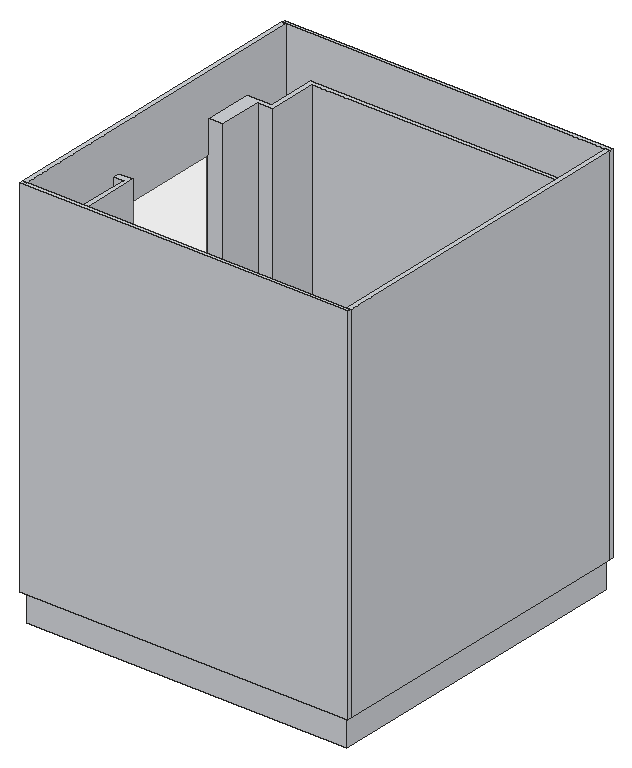
Revit family "Fira Modules Bathroom 2.6 Heart", category Generic Models, Revit 2015
Parameters
  Tekn. oven materiaali [instance] = none
  Sähkö [instance] = no
  Ovenkahvan materiaali [instance] = none
  Oven materiaali [instance] = Glass
  Ontelolaatan rei'itys muut kerrokset [instance] = no
  Ontelolaatan rei'itys 1. krs [instance] = no
  Näytä tekstit pohjassa [instance] = yes
  Moduulirungon väri [instance] = none
  Laatan materiaali [instance] = none
  Kynnysmateriaali [instance] = none
  Kipsilevyn ylitys sivuseinät [instance] = 50 mm
  Kipsilevyn ylitys oviseinä P [instance] = 50 mm
  Kipsilevyn ylitys oviseinä A [instance] = 50 mm
  Kipsilevyn ylitys (sivuseinät) [instance] = if(Kipsilevy takaseinä, 26 mm, Kipsilevyn ylitys sivuseinät)  # 26 mm
  Kipsilevyn ylitys (P) [instance] = if(Kipsilevy pyykkiseinä P, 0.1 mm, Kipsilevyn ylitys oviseinä P)  # 0.1 mm
  Kipsilevyn ylitys (A) [instance] = if(Kipsilevy allasseinä A, 0.1 mm, Kipsilevyn ylitys oviseinä A)  # 0.1 mm
  Kipsilevyn materiaali [instance] = none
  Kipsilevyn korkeus [instance] = 2600 mm
  Kipsilevy takaseinä [instance] = yes
  Kipsilevy pyykkiseinä P [instance] = yes
  Kipsilevy oviseinä O [instance] = yes
  Kipsilevy allasseinä A [instance] = yes
  Keskitetty IV äänenvaimentimella [instance] = no
  Keskitetty IV [instance] = no
  Huoneistokohtainen IV (R) [instance] = no
  Huoneistokohtainen IV (L) [instance] = no
  Hormi [instance] = no
  Hanakulma- ja kojerasioiden sijainnit [instance] = no
  Asennnusvara kantavaa seinää vasten [instance] = no
Reference planes
  plane 1 "Center (Front/Back)": y = 0
  plane 2: z = 0
  plane 3 "Center (Left/Right)": x = 0
  plane 4: x = 2300
  plane 5: y = -0.1
  plane 6: x = 2300
  plane 7: y = 2300.1
  plane 8: y = 2300
Forms (mm)
  Extrusion 1, solid, material <- "Moduulirungon väri"
    sketch origin (0, 0, 0) x (1, 0, 0) y (0, 1, 0)
      loop
        line (2274, 2300) -> (179, 2300) -> (179, 1950) -> (0, 1950) -> (0, 1612.55) -> (106, 1612.55) -> (106, 1918) -> (211, 1918) -> (211, 2268) -> (2232, 2268) -> (2232, 32) -> (366, 32) -> (366, 372) -> (106, 372) -> (106, 813.45) -> (0, 813.45) -> (0, 768) -> (74, 768) -> (74, 340) -> (334, 340) -> (334, 0) -> (2274, 0) -> (2274, 2300)
    from 0 to 2300
  Extrusion 2, solid, material <- "Moduulirungon väri"
    sketch origin (0, 0, 0) x (1, 0, 0) y (0, 1, 0)
      loop
        line (211, 1616) -> (211, 1918) -> (106, 1918) -> (106, 1616) -> (211, 1616)
    from 0 to 660.652
  Extrusion 3, void
    sketch origin (0, 0, 0) x (1, 0, 0) y (0, 1, 0)
      loop
        line (74, 340) -> (74, 218) -> (0, 218) -> (0, 0) -> (334, 0) -> (334, 340) -> (74, 340)
      loop
        circle (160.032, 289.507) r 50
      loop
        circle (260.051, 289.512) r 50
      loop
        circle (204, 135) r 70
    from 0 to 2300
  Extrusion 4, solid, material <- "Tekn. oven materiaali"
    sketch origin (917.278, 28.936, 0) x (1, 0, 0) y (0, 1, 0)
      loop
        line (-939.278, 735.467) -> (-940.278, 736.467) -> (-942.278, 736.467) -> (-943.278, 735.467) -> (-943.278, 189.064) -> (-939.278, 189.064) -> (-939.278, 735.467)
    from 0 to 2065
  Extrusion 5, solid, material <- "Kipsilevyn materiaali", visible <- "Kipsilevy allasseinä A"
    sketch origin (0, 0, 0) x (1, 0, 0) y (0, 1, 0)
      loop
        line (-26, 2326) -> (-26, 2300) -> (2300, 2300) -> (2300, 2326) -> (-26, 2326)
    from 0 to 2600
  Extrusion 6, solid, material <- "Kipsilevyn materiaali", visible <- "Kipsilevy takaseinä"
    sketch origin (0, 0, 0) x (1, 0, 0) y (0, 1, 0)
      loop
        line (2274, 2300.1) -> (2274, -0.1) -> (2300, -0.1) -> (2300, 2300.1) -> (2274, 2300.1)
    from 0 to 2600
  Extrusion 7, solid, material <- "Kipsilevyn materiaali", visible <- "Kipsilevy pyykkiseinä P"
    sketch origin (0, 0, 0) x (1, 0, 0) y (0, 1, 0)
      loop
        line (-26, 0) -> (-26, -26) -> (2300, -26) -> (2300, 0) -> (-26, 0)
    from 0 to 2600
  Extrusion 8, solid, material <- "Kipsilevyn materiaali", visible <- "Kipsilevy oviseinä O"
    sketch origin (0, 199, 0) x (1, 0, 0) y (0, 1, 0)
      loop
        line (-26, -199.1) -> (0, -199.1) -> (0, 2101.1) -> (-26, 2101.1) -> (-26, -199.1)
    from 0 to 2600
  Extrusion 9, void
    sketch origin (0, 0, 0) x (1, 0, 0) y (0, 1, 0)
      loop
        line (0, 218) -> (0, 768) -> (-26, 768) -> (-26, 218) -> (0, 218)
    from 0 to 2065
  Extrusion 10, void
    sketch origin (0, 0, 0) x (1, 0, 0) y (0, 1, 0)
      loop
        line (-26, 1658) -> (-26, 793.36) -> (0, 793.36) -> (0, 1658) -> (-26, 1658)
    from 0 to 2065
  Extrusion 11, solid, material "Glass" <- "Oven materiaali"
    sketch origin (0, 0, 0) x (1, 0, 0) y (0, 1, 0)
      loop
        line (-26, 793.36) -> (-15.972, 793.36) -> (-15.972, 1628) -> (-26, 1628) -> (-26, 793.36)
    from 17 to 2065
  Extrusion 12, solid, material <- "Kipsilevyn materiaali"
    sketch origin (0, 0, 0) x (1, 0, 0) y (0, 1, 0)
      loop
        line (-26, 1658) -> (-26, 1628) -> (0, 1628) -> (0, 1658) -> (-26, 1658)
    from 0 to 2065
  Extrusion 13, solid, material <- "Ovenkahvan materiaali", detail levels medium+fine
    sketch origin (-44.406, 15.45, 0) x (1, 0, 0) y (0, 1, 0)
      loop
        line (18.406, 901) -> (18.406, 798) -> (28.406, 798) -> (28.406, 901) -> (18.406, 901)
    from 960 to 1030
  Extrusion 14, solid, material <- "Ovenkahvan materiaali", detail levels medium+fine
    sketch origin (-26, 1677.242, -23.167) x (0, 1, 0) y (0, 0, -1)
      loop
        circle (-833.915, -1017.549) r 7.5
    from 0 to 35
  Extrusion 15, solid, material <- "Ovenkahvan materiaali", detail levels medium+fine
    sketch origin (-70.406, 15.35, 0) x (0, 1, 0) y (0, 0, -1)
      loop
        arc (827.977, -986.882) -> (820.477, -994.382) -> (827.977, -1001.882) r 7.5
        line (827.977, -1001.882) -> (967.977, -1001.882) -> (967.977, -986.882) -> (827.977, -986.882)
    from -9.406 to 1.719
  Extrusion 16, solid, material <- "Ovenkahvan materiaali", detail levels medium+fine
    sketch origin (-70.406, 15.35, 0) x (0, 1, 0) y (0, 0, -1)
      loop
        arc (827.977, -986.882) -> (820.477, -994.382) -> (827.977, -1001.882) r 7.5
        line (827.977, -1001.882) -> (967.977, -1001.882) -> (967.977, -986.882) -> (827.977, -986.882)
    from -105.577 to -94.406
  Extrusion 17, solid, material <- "Ovenkahvan materiaali", detail levels medium+fine
    sketch origin (-26, 1677.242, -23.167) x (0, 1, 0) y (0, 0, -1)
      loop
        circle (-833.915, -1017.549) r 7.5
    from -50 to -10
  Extrusion 18, solid, material <- "Ovenkahvan materiaali", detail levels medium+fine
    sketch origin (-1172.358, -185.826, 0) x (1, 0, 0) y (0, 1, 0)
      loop
        line (18.406, 901) -> (18.406, 798) -> (28.406, 798) -> (28.406, 901) -> (18.406, 901)
    from 960 to 1030
  Extrusion 19, solid, material <- "Ovenkahvan materiaali", detail levels medium+fine
    sketch origin (-1153.952, 1475.966, -23.167) x (0, 1, 0) y (0, 0, -1)
      loop
        circle (-833.915, -1017.549) r 7.5
    from 0 to 35
  Extrusion 20, solid, material <- "Ovenkahvan materiaali", detail levels medium+fine
    sketch origin (-1198.358, -185.926, 0) x (0, 1, 0) y (0, 0, -1)
      loop
        arc (827.977, -986.882) -> (820.477, -994.382) -> (827.977, -1001.882) r 7.5
        line (827.977, -1001.882) -> (967.977, -1001.882) -> (967.977, -986.882) -> (827.977, -986.882)
    from -9.406 to 1.719
  Extrusion 21, solid, material <- "Ovenkahvan materiaali", detail levels medium+fine
    sketch origin (-1198.358, -185.926, 0) x (0, 1, 0) y (0, 0, -1)
      loop
        arc (827.977, -986.882) -> (820.477, -994.382) -> (827.977, -1001.882) r 7.5
        line (827.977, -1001.882) -> (967.977, -1001.882) -> (967.977, -986.882) -> (827.977, -986.882)
    from -105.577 to -94.406
  Extrusion 22, solid, material <- "Ovenkahvan materiaali", detail levels medium+fine
    sketch origin (-1153.952, 1475.966, -23.167) x (0, 1, 0) y (0, 0, -1)
      loop
        circle (-833.915, -1017.549) r 7.5
    from -50 to -10
  Extrusion 23, solid, material <- "Laatan materiaali"
    sketch origin (0, 0, 0) x (1, 0, 0) y (0, 1, 0)
      loop
        line (2274, 2300) -> (0, 2300) -> (0, 0) -> (2274, 0) -> (2274, 2300)
    from -200 to 0
  Extrusion 24, solid, material <- "Kynnysmateriaali"
    sketch origin (0, 0, 0) x (1, 0, 0) y (0, 1, 0)
      loop
        line (0, 1612.55) -> (0, 813.45) -> (106, 813.45) -> (106, 1612.55) -> (0, 1612.55)
    from 0 to 23
Cuts and joins
  Extrusion 9, Extrusion 10 cuts Extrusion 8
Lines and regions (mm)
  model lines
    curve 1: line (2274, 2300, 0) -> (0, 2300, 0)
    curve 2: line (2274, 0, 0) -> (2274, 2300, 0)
    curve 3: line (0, 0, 0) -> (2274, 0, 0)
    curve 4: line (0, 2300, 0) -> (0, 1628, 0)
    curve 5: line (0, 1950, 0) -> (179, 1950, 0)
    curve 6: line (179, 1950, 0) -> (179, 2300, 0)
    curve 7: line (211, 2268, 0) -> (2232, 2268, 0)
    curve 8: line (211, 2104.857, 0) -> (1058.908, 2104.857, 0)
    curve 9: line (1058.908, 2104.857, 0) -> (1058.908, 1818.847, 0)
    curve 10: line (1058.908, 1818.847, 0) -> (2220, 1818.847, 0)
    curve 11: line (1586.892, 2158.353, 0) -> (1586.892, 1864.372, 0)
    curve 12: arc (1586.892, 1864.372, 0) -> (1585.135, 1860.131, 0) -> (1580.893, 1858.373, 0) r 5.999
    curve 13: line (1580.893, 1858.373, 0) -> (1136.923, 1858.373, 0)
    curve 14: arc (1136.923, 1858.373, 0) -> (1132.68, 1860.131, 0) -> (1130.923, 1864.373, 0) r 6
    curve 15: line (1130.923, 1864.373, 0) -> (1130.923, 2158.353, 0)
    curve 16: arc (1130.923, 2158.353, 0) -> (1132.68, 2162.595, 0) -> (1136.923, 2164.353, 0) r 6
    curve 17: line (1136.923, 2164.353, 0) -> (1580.892, 2164.353, 0)
    curve 18: arc (1580.892, 2164.353, 0) -> (1585.135, 2162.595, 0) -> (1586.892, 2158.353, 0) r 6
    curve 20: line (2220, 44, 0) -> (2220, 2268, 0)
    curve 21: line (2232, 2268, 0) -> (2232, 32, 0)
    curve 22: line (1031, 44, 0) -> (2220, 44, 0)
    curve 23: line (2232, 32, 0) -> (366, 32, 0)
    curve 24: line (334, 340, 0) -> (334, 0, 0)
    curve 25: line (74, 340, 0) -> (334, 340, 0)
    curve 26: line (0, 188, 0) -> (0, 0, 0)
    curve 27: line (0, 218, 0) -> (0, 188, 0)
    curve 28: line (0, 188, 0) -> (-26, 188, 0)
    curve 29: line (-26, 188, 0) -> (-26, 218, 0)
    curve 30: line (-26, 764.403, 0) -> (-26, 218, 0)
    curve 31: line (-22, 218, 0) -> (-22, 768, 0)
    curve 32: line (-25, 765.403, 0) -> (-26, 764.403, 0)
    curve 33: line (-23, 765.403, 0) -> (-25, 765.403, 0)
    curve 34: line (-22, 764.403, 0) -> (-23, 765.403, 0)
    curve 35: line (-26, 793.36, 0) -> (-26, 1628, 0)
    curve 36: line (-15.972, 1598, 0) -> (-15.972, 793.36, 0)
    curve 37: line (1081, 801.235, 0) -> (109, 801.235, 0)
    curve 38: line (109, 801.235, 0) -> (109, 809.235, 0)
    curve 39: line (109, 809.235, 0) -> (1081, 809.235, 0)
    curve 40: line (1081, 809.235, 0) -> (1081, 801.235, 0)
    curve 41: line (1031, 788, 0) -> (1031, 32, 0)
    curve 42: line (1031, 32, 0) -> (1016, 32, 0)
    curve 43: line (1016, 32, 0) -> (1016, 788, 0)
    curve 44: line (1016, 788, 0) -> (1031, 788, 0)
    curve 45: line (1030.5, 788, 0) -> (1030.5, 798.427, 0)
    curve 46: arc (1030.5, 798.427, 0) -> (1029.957, 799.918, 0) -> (1028.5, 800.546, 0) r 2.003
    curve 47: line (1028.5, 800.546, 0) -> (1018.5, 800.546, 0)
    curve 48: arc (1018.5, 800.546, 0) -> (1017.044, 799.917, 0) -> (1016.5, 798.427, 0) r 2.005
    curve 49: line (1016.5, 798.427, 0) -> (1016.5, 788, 0)
    curve 50: line (1016.5, 788, 0) -> (1030.5, 788, 0)
    curve 51: arc (1030.5, 812.044, 0) -> (1029.957, 810.553, 0) -> (1028.5, 809.924, 0) r 2.003
    curve 52: line (1028.5, 809.924, 0) -> (1018.5, 809.924, 0)
    curve 53: arc (1018.5, 809.924, 0) -> (1017.044, 810.553, 0) -> (1016.5, 812.044, 0) r 2.005
    curve 54: line (1016.5, 812.044, 0) -> (1016.5, 814.044, 0)
    curve 55: line (1016.5, 814.044, 0) -> (1030.5, 814.044, 0)
    curve 56: line (1030.5, 814.044, 0) -> (1030.5, 812.044, 0)
    curve 57: line (211, 2114.856, 0) -> (658.935, 2114.856, 0)
    curve 58: line (658.935, 2114.856, 0) -> (1048.929, 2114.856, 0)
    curve 59: line (1048.929, 2114.856, 0) -> (1048.929, 2268, 0)
    curve 60: line (566.463, 2104.857, 0) -> (566.463, 2089.868, 0)
    curve 61: line (566.463, 2089.868, 0) -> (577.657, 2089.868, 0)
    curve 62: line (577.657, 2089.868, 0) -> (671.43, 2089.868, 0)
    curve 63: line (671.43, 2089.868, 0) -> (673.483, 2089.868, 0)
    curve 64: line (673.483, 2089.868, 0) -> (705.766, 2089.868, 0)
    curve 65: line (705.766, 2089.868, 0) -> (726.453, 2089.868, 0)
    curve 66: line (726.453, 2089.868, 0) -> (726.453, 2104.857, 0)
    curve 67: line (805.783, 2104.857, 0) -> (805.783, 2027.684, 0)
    curve 68: line (814.79, 2015.909, 0) -> (809.974, 1877.99, 0)
    curve 69: arc (809.974, 1877.99, 0) -> (802.356, 1805.082, 0) -> (784.496, 1733.986, 0) r 516.634
    curve 70: arc (784.496, 1733.986, 0) -> (738.74, 1665.94, 0) -> (666.313, 1627.491, 0) r 168.768
    curve 71: arc (666.313, 1627.491, 0) -> (631.458, 1623.893, 0) -> (596.604, 1627.491, 0) r 170.623
    curve 72: arc (596.604, 1627.491, 0) -> (524.177, 1665.94, 0) -> (478.419, 1733.986, 0) r 168.771
    curve 73: arc (478.419, 1733.986, 0) -> (460.56, 1805.082, 0) -> (452.942, 1877.99, 0) r 516.655
    curve 74: line (452.942, 1877.99, 0) -> (448.127, 2015.909, 0)
    curve 75: line (448.127, 2015.909, 0) -> (451.196, 2027.418, 0)
    curve 76: arc (451.196, 2027.418, 0) -> (631.458, 2031.522, 0) -> (811.719, 2027.418, 0) r 3961.429
    curve 77: line (811.719, 2027.418, 0) -> (814.79, 2015.909, 0)
    curve 78: line (457.208, 2027.688, 0) -> (457.208, 2104.857, 0)
    curve 79: line (2020, 401.606, 0) -> (2220, 401.606, 0)
    curve 80: arc (2220, 401.606, 0) -> (2175.327, 312.689, 0) -> (2078.307, 290.574, 0) r 116.673
    curve 81: arc (2078.307, 290.574, 0) -> (1998.783, 291.932, 0) -> (1929.642, 252.619, 0) r 150.708
    curve 82: line (2070.607, 373.606, 0) -> (2070.607, 429.605, 0)
    curve 83: line (2100.502, 362.788, 0) -> (2100.502, 440.423, 0)
    curve 84: circle (1919.561, 241.511, 0) r 15 normal (0, 0, 1)
    curve 85: line (2220, 787.5, 0) -> (1960, 787.5, 0)
    curve 86: line (1960, 787.5, 0) -> (1960, 797.5, 0)
    curve 87: line (1960, 797.5, 0) -> (2220, 797.5, 0)
    curve 88: line (2220, 797.5, 0) -> (2220, 787.5, 0)
    curve 89: line (2220, 797.5, 0) -> (2220, 787.5, 0)
    curve 90: line (242.982, 372.708, 0) -> (242.982, 378, 0)
    curve 91: line (242.982, 378, 0) -> (252.981, 378, 0)
    curve 92: line (252.981, 378, 0) -> (252.981, 379.999, 0)
    curve 93: line (252.981, 379.999, 0) -> (263.98, 379.999, 0)
    curve 94: line (263.98, 379.999, 0) -> (263.98, 421.997, 0)
    curve 95: line (263.98, 421.997, 0) -> (293.978, 421.997, 0)
    curve 96: line (293.978, 421.997, 0) -> (293.978, 379.999, 0)
    curve 97: line (293.978, 379.999, 0) -> (302.978, 379.999, 0)
    curve 98: line (302.978, 379.999, 0) -> (302.978, 378, 0)
    curve 99: line (302.978, 378, 0) -> (312.977, 378, 0)
    curve 100: line (312.977, 378, 0) -> (312.977, 372.708, 0)
    curve 101: line (211, 1616, 0) -> (106, 1616, 0)
    curve 102: line (106, 1612.55, 0) -> (106, 1918, 0)
    curve 103: line (106, 1918, 0) -> (211, 1918, 0)
    curve 104: line (211, 1918, 0) -> (211, 1616, 0)
    curve 105: line (211, 1918, 0) -> (211, 2268, 0)
    curve 106: line (1358.908, 2214.353, 0) -> (1358.908, 2064.353, 0)
    curve 107: line (1386.907, 2114.96, 0) -> (1330.908, 2114.96, 0)
    curve 108: line (1397.725, 2144.855, 0) -> (1320.09, 2144.855, 0)
    curve 109: circle (1358.908, 2039.353, 0) r 15 normal (0, 0, 1)
    curve 110: line (106, 372, 0) -> (106, 813.45, 0)
    curve 111: line (366, 372, 0) -> (106, 372, 0)
    curve 112: line (366, 32, 0) -> (366, 372, 0)
    curve 113: line (366, 85.002, 0) -> (467.997, 85.002, 0)
    curve 114: line (467.997, 85.002, 0) -> (467.997, 32, 0)
    curve 115: line (74, 218, 0) -> (-22, 218, 0)
    curve 116: line (74, 768, 0) -> (74, 218, 0)
    curve 117: line (-22, 768, 0) -> (74, 768, 0)
    curve 118: line (0, 1612.55, 0) -> (106, 1612.55, 0)
    curve 119: line (0, 1658, 0) -> (-26, 1658, 0)
    curve 120: line (-26, 1658, 0) -> (-26, 1628, 0)
    curve 121: line (-26, 1628, 0) -> (0, 1628, 0)
    curve 122: line (0, 1628, 0) -> (0, 1658, 0)
    curve 129: line (106, 813.45, 0) -> (0, 813.45, 0)
    curve 130: line (106, 1616, 0) -> (106, 810, 0)
    curve 131: line (0, 1628, 0) -> (0, 1612.55, 0)
    curve 132: line (-15.972, 1628, 0) -> (-15.972, 1598, 0)
    curve 133: line (-15.972, 793.36, 0) -> (-26, 793.36, 0)
    curve 134: line (-16, 813.45, 0) -> (-16, 768, 0)
    curve 135: line (0, 813.45, 0) -> (-16, 813.45, 0)
    curve 136: line (1058.928, 2268, 0) -> (1058.928, 2114.856, 0)
    curve 137: line (1048.928, 2114.856, 0) -> (1048.928, 2104.857, 0)
    curve 149: line (2274, 2300, 0) -> (0, 2300, 0)
    curve 150: line (2274, 0, 0) -> (2274, 2300, 0)
    curve 151: line (0, 0, 0) -> (2274, 0, 0)
    curve 152: line (0, 2300, 0) -> (0, 1628, 0)
    curve 153: line (0, 1950, 0) -> (179, 1950, 0)
    curve 154: line (179, 1950, 0) -> (179, 2300, 0)
    curve 155: line (211, 2268, 0) -> (2232, 2268, 0)
    curve 156: line (211, 2104.857, 0) -> (1058.908, 2104.857, 0)
    curve 157: line (1058.908, 2104.857, 0) -> (1058.908, 1818.847, 0)
    curve 158: line (1058.908, 1818.847, 0) -> (2220, 1818.847, 0)
    curve 159: line (1586.892, 2158.353, 0) -> (1586.892, 1864.372, 0)
    curve 160: arc (1586.892, 1864.372, 0) -> (1585.135, 1860.131, 0) -> (1580.893, 1858.373, 0) r 5.999
    curve 161: line (1580.893, 1858.373, 0) -> (1136.923, 1858.373, 0)
    curve 162: arc (1136.923, 1858.373, 0) -> (1132.68, 1860.131, 0) -> (1130.923, 1864.373, 0) r 6
    curve 163: line (1130.923, 1864.373, 0) -> (1130.923, 2158.353, 0)
    curve 164: arc (1130.923, 2158.353, 0) -> (1132.68, 2162.595, 0) -> (1136.923, 2164.353, 0) r 6
    curve 165: line (1136.923, 2164.353, 0) -> (1580.892, 2164.353, 0)
    curve 166: arc (1580.892, 2164.353, 0) -> (1585.135, 2162.595, 0) -> (1586.892, 2158.353, 0) r 6
    curve 168: line (2220, 44, 0) -> (2220, 2268, 0)
    curve 169: line (2232, 2268, 0) -> (2232, 32, 0)
    curve 170: line (1031, 44, 0) -> (2220, 44, 0)
    curve 171: line (2232, 32, 0) -> (366, 32, 0)
    curve 172: line (334, 340, 0) -> (334, 0, 0)
    curve 173: line (74, 340, 0) -> (334, 340, 0)
    curve 174: line (0, 188, 0) -> (0, 0, 0)
    curve 175: line (0, 218, 0) -> (0, 188, 0)
    curve 176: line (0, 188, 0) -> (-26, 188, 0)
    curve 177: line (-26, 188, 0) -> (-26, 218, 0)
    curve 178: line (-26, 764.403, 0) -> (-26, 218, 0)
    curve 179: line (-22, 218, 0) -> (-22, 768, 0)
    curve 180: line (-25, 765.403, 0) -> (-26, 764.403, 0)
    curve 181: line (-23, 765.403, 0) -> (-25, 765.403, 0)
    curve 182: line (-22, 764.403, 0) -> (-23, 765.403, 0)
    curve 183: line (-26, 793.36, 0) -> (-26, 1628, 0)
    curve 184: line (-15.972, 1598, 0) -> (-15.972, 793.36, 0)
    curve 185: line (1081, 801.235, 0) -> (109, 801.235, 0)
    curve 186: line (109, 801.235, 0) -> (109, 809.235, 0)
    curve 187: line (109, 809.235, 0) -> (1081, 809.235, 0)
    curve 188: line (1081, 809.235, 0) -> (1081, 801.235, 0)
    curve 189: line (1031, 788, 0) -> (1031, 32, 0)
    curve 190: line (1031, 32, 0) -> (1016, 32, 0)
    curve 191: line (1016, 32, 0) -> (1016, 788, 0)
    curve 192: line (1016, 788, 0) -> (1031, 788, 0)
    curve 193: line (1030.5, 788, 0) -> (1030.5, 798.427, 0)
    curve 194: arc (1030.5, 798.427, 0) -> (1029.957, 799.918, 0) -> (1028.5, 800.546, 0) r 2.003
    curve 195: line (1028.5, 800.546, 0) -> (1018.5, 800.546, 0)
    curve 196: arc (1018.5, 800.546, 0) -> (1017.044, 799.917, 0) -> (1016.5, 798.427, 0) r 2.005
    curve 197: line (1016.5, 798.427, 0) -> (1016.5, 788, 0)
    curve 198: line (1016.5, 788, 0) -> (1030.5, 788, 0)
    curve 199: arc (1030.5, 812.044, 0) -> (1029.957, 810.553, 0) -> (1028.5, 809.924, 0) r 2.003
    curve 200: line (1028.5, 809.924, 0) -> (1018.5, 809.924, 0)
    curve 201: arc (1018.5, 809.924, 0) -> (1017.044, 810.553, 0) -> (1016.5, 812.044, 0) r 2.005
    curve 202: line (1016.5, 812.044, 0) -> (1016.5, 814.044, 0)
    curve 203: line (1016.5, 814.044, 0) -> (1030.5, 814.044, 0)
    curve 204: line (1030.5, 814.044, 0) -> (1030.5, 812.044, 0)
    curve 205: line (211, 2114.856, 0) -> (658.935, 2114.856, 0)
    curve 206: line (658.935, 2114.856, 0) -> (1048.929, 2114.856, 0)
    curve 207: line (1048.929, 2114.856, 0) -> (1048.929, 2268, 0)
    curve 208: line (566.463, 2104.857, 0) -> (566.463, 2089.868, 0)
    curve 209: line (566.463, 2089.868, 0) -> (577.657, 2089.868, 0)
    curve 210: line (577.657, 2089.868, 0) -> (671.43, 2089.868, 0)
    curve 211: line (671.43, 2089.868, 0) -> (673.483, 2089.868, 0)
    curve 212: line (673.483, 2089.868, 0) -> (705.766, 2089.868, 0)
    curve 213: line (705.766, 2089.868, 0) -> (726.453, 2089.868, 0)
    curve 214: line (726.453, 2089.868, 0) -> (726.453, 2104.857, 0)
    curve 215: line (805.783, 2104.857, 0) -> (805.783, 2027.684, 0)
    curve 216: line (814.79, 2015.909, 0) -> (809.974, 1877.99, 0)
    curve 217: arc (809.974, 1877.99, 0) -> (802.356, 1805.082, 0) -> (784.496, 1733.986, 0) r 516.634
    curve 218: arc (784.496, 1733.986, 0) -> (738.74, 1665.94, 0) -> (666.313, 1627.491, 0) r 168.768
    curve 219: arc (666.313, 1627.491, 0) -> (631.458, 1623.893, 0) -> (596.604, 1627.491, 0) r 170.623
    curve 220: arc (596.604, 1627.491, 0) -> (524.177, 1665.94, 0) -> (478.419, 1733.986, 0) r 168.771
    curve 221: arc (478.419, 1733.986, 0) -> (460.56, 1805.082, 0) -> (452.942, 1877.99, 0) r 516.655
    curve 222: line (452.942, 1877.99, 0) -> (448.127, 2015.909, 0)
    curve 223: line (448.127, 2015.909, 0) -> (451.196, 2027.418, 0)
    curve 224: arc (451.196, 2027.418, 0) -> (631.458, 2031.522, 0) -> (811.719, 2027.418, 0) r 3961.429
    curve 225: line (811.719, 2027.418, 0) -> (814.79, 2015.909, 0)
    curve 226: line (457.208, 2027.688, 0) -> (457.208, 2104.857, 0)
    curve 227: line (2020, 401.606, 0) -> (2220, 401.606, 0)
    curve 228: arc (2220, 401.606, 0) -> (2175.327, 312.689, 0) -> (2078.307, 290.574, 0) r 116.673
    curve 229: arc (2078.307, 290.574, 0) -> (1998.783, 291.932, 0) -> (1929.642, 252.619, 0) r 150.708
    curve 230: line (2070.607, 373.606, 0) -> (2070.607, 429.605, 0)
    curve 231: line (2100.502, 362.788, 0) -> (2100.502, 440.423, 0)
    curve 232: circle (1919.561, 241.511, 0) r 15 normal (0, 0, 1)
    curve 233: line (2220, 787.5, 0) -> (1960, 787.5, 0)
    curve 234: line (1960, 787.5, 0) -> (1960, 797.5, 0)
    curve 235: line (1960, 797.5, 0) -> (2220, 797.5, 0)
    curve 236: line (2220, 797.5, 0) -> (2220, 787.5, 0)
    curve 237: line (2220, 797.5, 0) -> (2220, 787.5, 0)
    curve 238: line (242.982, 372.708, 0) -> (242.982, 378, 0)
    curve 239: line (242.982, 378, 0) -> (252.981, 378, 0)
    curve 240: line (252.981, 378, 0) -> (252.981, 379.999, 0)
    curve 241: line (252.981, 379.999, 0) -> (263.98, 379.999, 0)
    curve 242: line (263.98, 379.999, 0) -> (263.98, 421.997, 0)
    curve 243: line (263.98, 421.997, 0) -> (293.978, 421.997, 0)
    curve 244: line (293.978, 421.997, 0) -> (293.978, 379.999, 0)
    curve 245: line (293.978, 379.999, 0) -> (302.978, 379.999, 0)
    curve 246: line (302.978, 379.999, 0) -> (302.978, 378, 0)
    curve 247: line (302.978, 378, 0) -> (312.977, 378, 0)
    curve 248: line (312.977, 378, 0) -> (312.977, 372.708, 0)
    curve 249: line (211, 1616, 0) -> (106, 1616, 0)
    curve 250: line (106, 1612.55, 0) -> (106, 1918, 0)
    curve 251: line (106, 1918, 0) -> (211, 1918, 0)
    curve 252: line (211, 1918, 0) -> (211, 1616, 0)
    curve 253: line (211, 1918, 0) -> (211, 2268, 0)
    curve 254: line (1358.908, 2214.353, 0) -> (1358.908, 2064.353, 0)
    curve 255: line (1386.907, 2114.96, 0) -> (1330.908, 2114.96, 0)
    curve 256: line (1397.725, 2144.855, 0) -> (1320.09, 2144.855, 0)
    curve 257: circle (1358.908, 2039.353, 0) r 15 normal (0, 0, 1)
    curve 258: line (106, 372, 0) -> (106, 813.45, 0)
    curve 259: line (366, 372, 0) -> (106, 372, 0)
    curve 260: line (366, 32, 0) -> (366, 372, 0)
    curve 261: line (366, 85.002, 0) -> (467.997, 85.002, 0)
    curve 262: line (467.997, 85.002, 0) -> (467.997, 32, 0)
    curve 263: line (74, 218, 0) -> (-22, 218, 0)
    curve 264: line (74, 768, 0) -> (74, 218, 0)
    curve 265: line (-22, 768, 0) -> (74, 768, 0)
    curve 266: line (0, 1612.55, 0) -> (106, 1612.55, 0)
    curve 267: line (0, 1658, 0) -> (-26, 1658, 0)
    curve 268: line (-26, 1658, 0) -> (-26, 1628, 0)
    curve 269: line (-26, 1628, 0) -> (0, 1628, 0)
    curve 270: line (0, 1628, 0) -> (0, 1658, 0)
    curve 277: line (106, 813.45, 0) -> (0, 813.45, 0)
    curve 278: line (106, 1616, 0) -> (106, 810, 0)
    curve 279: line (0, 1628, 0) -> (0, 1612.55, 0)
    curve 280: line (-15.972, 1628, 0) -> (-15.972, 1598, 0)
    curve 281: line (-15.972, 793.36, 0) -> (-26, 793.36, 0)
    curve 282: line (-16, 813.45, 0) -> (-16, 768, 0)
    curve 283: line (0, 813.45, 0) -> (-16, 813.45, 0)
    curve 284: line (1058.928, 2268, 0) -> (1058.928, 2114.856, 0)
    curve 285: line (1048.928, 2114.856, 0) -> (1048.928, 2104.857, 0)
    curve 349: line (1567.147, 1818.847, 0) -> (1577.147, 1818.847, 0)
    curve 350: line (2220, 1168.853, 0) -> (2220, 1153.853, 0)
    curve 352: line (1567.44, 1818.797, 0) -> (1577.44, 1818.797, 0)
    curve 353: line (2220.293, 1168.803, 0) -> (2220.293, 1153.803, 0)
    curve 354: line (2220, 2087, 2161) -> (2220, 2263, 2161)
    curve 355: line (2220, 2087, 1181) -> (2220, 2087, 2161)
    curve 356: line (2220, 2092, 1181) -> (2220, 2092, 2161)
    curve 357: line (2220, 2263, 1181) -> (2220, 2087, 1181)
    curve 358: line (2220, 2259, 869) -> (2220, 2259, 1181)
    curve 359: line (2220, 1942.75, 2266) -> (2220, 1942.75, 881)
    curve 360: line (2220, 1625.5, 2266) -> (2220, 1625.5, 11.081)
    curve 361: line (2220, 795, 3.46) -> (2220, 795, 2266)
    curve 362: line (2220, 803.88, 2263) -> (2220, 797.12, 2263)
    curve 363: line (2220, 797.12, 2263) -> (2220, 796.12, 2262)
    curve 364: line (2220, 796.12, 2262) -> (2220, 796.12, 8)
    curve 365: line (2220, 796.12, 8) -> (2220, 797.12, 7)
    curve 366: line (2220, 797.12, 7) -> (2220, 803.88, 7)
    curve 367: line (2220, 803.88, 7) -> (2220, 804.88, 8)
    curve 368: line (2220, 804.88, 8) -> (2220, 804.88, 2262)
    curve 369: line (2220, 804.88, 2262) -> (2220, 803.88, 2263)
    curve 370: line (2220, 2089, 669) -> (2220, 2089, 17)
    curve 371: line (2220, 2103, 669) -> (2220, 2103, 16.886)
    curve 372: line (2220, 2263, 869) -> (2220, 2164, 869)
    curve 373: line (2220, 2164, 869) -> (2220, 2164, 749)
    curve 374: arc (2220, 2164, 749) -> (2220, 2159.599, 738.386) -> (2220, 2148.978, 734) r 15
    curve 375: line (2220, 2148.978, 734) -> (2220, 1886.978, 734)
    curve 376: arc (2220, 1886.978, 734) -> (2220, 1876.386, 738.401) -> (2220, 1872, 749) r 15
    curve 377: line (2220, 1872, 749) -> (2220, 1872, 869)
    curve 378: line (2220, 1872, 869) -> (2220, 1841, 869)
    curve 379: line (2220, 1841, 869) -> (2220, 1841, 669)
    curve 380: line (2220, 1841, 669) -> (2220, 1827, 669)
    curve 381: line (2220, 1827, 669) -> (2220, 1827, 869)
    curve 382: line (2220, 1827, 869) -> (2220, 1822, 869)
    curve 383: line (2220, 1822, 869) -> (2220, 1822, 881)
    curve 384: line (2220, 1822, 881) -> (2220, 1876.983, 881)
    curve 385: line (2220, 1886.992, 744) -> (2220, 2148.992, 744)
    curve 386: arc (2220, 2148.992, 744) -> (2220, 2152.524, 745.453) -> (2220, 2154, 748.976) r 5
    curve 387: line (2220, 2154, 748.976) -> (2220, 2154, 876)
    curve 388: arc (2220, 2154, 876) -> (2220, 2155.458, 879.53) -> (2220, 2158.983, 881) r 5
    curve 389: line (2220, 2259, 881) -> (2220, 1876.983, 881)
    curve 390: arc (2220, 1876.983, 881) -> (2220, 1880.533, 879.538) -> (2220, 1882, 875.989) r 5
    curve 391: line (2220, 1882, 875.989) -> (2220, 1882, 749)
    curve 392: arc (2220, 1882, 749) -> (2220, 1883.462, 745.467) -> (2220, 1886.992, 744) r 5
    curve 393: line (2220, 449.024, 1785.48) -> (2220, 449.127, 1784.561)
    curve 394: line (2220, 449.127, 1784.561) -> (2220, 449.127, 1637.518)
    curve 395: line (2220, 449.127, 1637.518) -> (2220, 449.127, 1630.94)
    curve 396: line (2220, 449.127, 1630.94) -> (2220, 440.353, 1630.94)
    curve 397: line (2220, 440.353, 1630.94) -> (2220, 437.464, 1126.926)
    curve 398: line (2220, 437.464, 1126.926) -> (2220, 546.133, 1126.926)
    curve 399: line (2220, 546.133, 1126.926) -> (2220, 546.133, 1114.465)
    curve 400: line (2220, 546.133, 1114.465) -> (2220, 546.133, 1111.532)
    curve 401: line (2220, 546.133, 1111.532) -> (2220, 546.133, 1108.435)
    curve 402: line (2220, 546.133, 1108.435) -> (2220, 546.133, 1105.228)
    curve 403: line (2220, 546.133, 1105.228) -> (2220, 546.133, 1101.965)
    curve 404: line (2220, 546.133, 1101.965) -> (2220, 546.133, 1098.701)
    curve 405: line (2220, 546.133, 1098.701) -> (2220, 546.133, 1095.874)
    curve 406: line (2220, 394.633, 1063.965) -> (2220, 394.633, 1076.965)
    curve 407: line (2220, 394.633, 1076.965) -> (2220, 324.931, 1076.965)
    curve 408: line (2220, 324.931, 1076.965) -> (2220, 324.931, 916.674)
    curve 409: line (2220, 324.931, 916.674) -> (2220, 326.812, 881.647)
    curve 410: line (2220, 326.812, 881.647) -> (2220, 332.29, 849.23)
    curve 411: line (2220, 332.29, 849.23) -> (2220, 340.93, 821.626)
    curve 412: line (2220, 340.93, 821.626) -> (2220, 351.95, 800.896)
    curve 413: line (2220, 351.95, 800.896) -> (2220, 364.03, 788.682)
    curve 414: line (2220, 364.03, 788.682) -> (2220, 375.804, 784.881)
    curve 415: line (2220, 375.804, 784.881) -> (2220, 387.579, 788.682)
    curve 416: line (2220, 387.579, 788.682) -> (2220, 399.682, 800.972)
    curve 417: line (2220, 399.682, 800.972) -> (2220, 410.688, 821.675)
    curve 418: line (2220, 410.688, 821.675) -> (2220, 419.322, 849.26)
    curve 419: line (2220, 419.322, 849.26) -> (2220, 424.797, 881.661)
    curve 420: line (2220, 424.797, 881.661) -> (2220, 426.677, 916.675)
    curve 421: line (2220, 426.677, 916.675) -> (2220, 427.291, 1076.965)
    curve 422: line (2220, 427.291, 1076.965) -> (2220, 412.633, 1076.965)
    curve 423: line (2220, 412.633, 1076.965) -> (2220, 412.633, 1063.965)
    curve 424: line (2220, 417.361, 1126.965) -> (2220, 417.361, 1630.94)
    curve 425: line (2220, 417.361, 1630.94) -> (2220, 430.373, 1630.94)
    curve 426: line (2220, 430.373, 1630.94) -> (2220, 427.483, 1126.965)
    curve 427: line (2220, 427.483, 1126.965) -> (2220, 417.361, 1126.965)
    curve 428: line (2220, 420.619, 1674.965) -> (2220, 419.752, 1674.965)
    curve 429: line (2220, 419.752, 1674.965) -> (2220, 418.661, 1674.965)
    curve 430: line (2220, 418.661, 1674.965) -> (2220, 417.361, 1674.965)
    curve 431: line (2220, 417.361, 1674.965) -> (2220, 417.361, 1788.784)
    curve 432: line (2220, 417.361, 1788.784) -> (2220, 415.764, 1789.407)
    curve 433: line (2220, 417.361, 1879.637) -> (2220, 417.361, 1955.265)
    curve 434: line (2220, 417.361, 1955.265) -> (2220, 395.361, 1955.265)
    curve 435: line (2220, 395.361, 1955.265) -> (2220, 395.361, 1863.168)
    curve 436: line (2220, 1841, 669) -> (2220, 2103, 669)
    curve 437: line (2220, 2186.012, 881) -> (2220, 2184.76, 890.137)
    curve 438: line (2220, 2184.76, 890.137) -> (2220, 2173.962, 968.967)
    curve 439: line (2220, 2173.962, 968.967) -> (2220, 2109.075, 969.797)
    curve 440: line (2220, 2111.685, 1033.302) -> (2220, 2165.604, 1029.981)
    curve 441: line (2220, 2165.604, 1029.981) -> (2220, 2164.887, 1035.209)
    curve 442: line (2220, 2164.887, 1035.209) -> (2220, 2197.522, 1039.679)
    curve 443: line (2220, 2197.522, 1039.679) -> (2220, 2200.083, 1020.983)
    curve 444: line (2220, 2200.083, 1020.983) -> (2220, 2202.767, 1001.564)
    curve 445: line (2220, 2202.767, 1001.564) -> (2220, 2204.693, 987.502)
    curve 446: line (2220, 2204.693, 987.502) -> (2220, 2217.417, 894.61)
    curve 447: line (2220, 2217.417, 894.61) -> (2220, 2218.943, 883.47)
    curve 448: line (2220, 2218.943, 883.47) -> (2220, 2219.282, 881)
    curve 449: line (2220, 2166.615, 1022.601) -> (2220, 2111.14, 1026.02)
    curve 450: line (2220, 2169.438, 1001.988) -> (2220, 2166.615, 1022.601)
    curve 451: line (2220, 395.379, 1805.633) -> (2220, 395.379, 1674.965)
    curve 452: line (2220, 395.379, 1674.965) -> (2220, 395.379, 1126.965)
    curve 453: line (2220, 395.379, 1126.965) -> (2220, 261.133, 1126.965)
    curve 454: line (2220, 261.133, 1126.965) -> (2220, 261.133, 1076.965)
    curve 455: line (2220, 394.633, 1076.965) -> (2220, 324.931, 1076.965)
    curve 456: line (2220, 324.931, 1076.965) -> (2220, 324.931, 916.674)
    curve 457: line (2220, 324.931, 916.674) -> (2220, 326.812, 881.647)
    curve 458: line (2220, 326.812, 881.647) -> (2220, 332.29, 849.23)
    curve 459: line (2220, 332.29, 849.23) -> (2220, 340.93, 821.626)
    curve 460: line (2220, 340.93, 821.626) -> (2220, 351.95, 800.896)
    curve 461: line (2220, 351.95, 800.896) -> (2220, 364.03, 788.682)
    curve 462: line (2220, 364.03, 788.682) -> (2220, 375.804, 784.881)
    curve 463: line (2220, 375.804, 784.881) -> (2220, 387.579, 788.682)
    curve 464: line (2220, 387.579, 788.682) -> (2220, 399.682, 800.972)
    curve 465: line (2220, 399.682, 800.972) -> (2220, 410.688, 821.675)
    curve 466: line (2220, 410.688, 821.675) -> (2220, 419.322, 849.26)
    curve 467: line (2220, 419.322, 849.26) -> (2220, 424.797, 881.661)
    curve 468: line (2220, 424.797, 881.661) -> (2220, 426.677, 916.675)
    curve 469: line (2220, 426.677, 916.675) -> (2220, 427.291, 1076.965)
    curve 470: line (2220, 427.291, 1076.965) -> (2220, 412.633, 1076.965)
    curve 471: line (2220, 412.633, 1076.965) -> (2220, 412.633, 1063.965)
    curve 472: line (2220, 2173.962, 968.967) -> (2220, 2109.075, 969.797)
    curve 473: line (2220, 2109.075, 964.117) -> (2220, 2090.616, 964.746)
    curve 474: line (2220, 2084.391, 970.041) -> (2220, 2084.766, 1003.073)
    curve 475: line (2220, 2084.766, 1003.073) -> (2220, 2169.438, 1001.988)
    curve 476: line (2220, 2166.615, 1022.601) -> (2220, 2111.14, 1026.02)
    curve 477: line (2220, 2111.685, 1033.302) -> (2220, 2165.604, 1029.981)
    curve 478: line (2220, 2164.887, 1035.209) -> (2220, 2197.522, 1039.679)
    curve 479: line (2220, 2173.962, 968.967) -> (2220, 2109.075, 969.797)
    curve 480: line (2220, 2090.616, 964.746) -> (2220, 2090.804, 970.041)
    curve 481: line (2220, 2204.693, 987.502) -> (2220, 2217.417, 894.61)
    curve 482: line (2220, 417.361, 1879.637) -> (2220, 417.361, 1955.265)
    curve 483: line (2220, 417.361, 1955.265) -> (2220, 395.361, 1955.265)
    curve 484: line (2220, 395.361, 1955.265) -> (2220, 395.361, 1863.168)
    curve 485: line (2220, 394.633, 1063.965) -> (2220, 394.633, 1076.965)
    curve 486: line (2220, 394.633, 1076.965) -> (2220, 324.931, 1076.965)
    curve 487: line (2220, 324.931, 1076.965) -> (2220, 324.931, 916.674)
    curve 488: line (2220, 324.931, 916.674) -> (2220, 326.812, 881.647)
    curve 489: line (2220, 326.812, 881.647) -> (2220, 332.29, 849.23)
    curve 490: line (2220, 332.29, 849.23) -> (2220, 340.93, 821.626)
    curve 491: line (2220, 340.93, 821.626) -> (2220, 351.95, 800.896)
    curve 492: line (2220, 351.95, 800.896) -> (2220, 364.03, 788.682)
    curve 493: line (2220, 364.03, 788.682) -> (2220, 375.804, 784.881)
    curve 494: line (2220, 375.804, 784.881) -> (2220, 387.579, 788.682)
    curve 495: line (2220, 387.579, 788.682) -> (2220, 399.682, 800.972)
    curve 496: line (2220, 399.682, 800.972) -> (2220, 410.688, 821.675)
    curve 497: line (2220, 410.688, 821.675) -> (2220, 419.322, 849.26)
    curve 498: line (2220, 419.322, 849.26) -> (2220, 424.797, 881.661)
    curve 499: line (2220, 424.797, 881.661) -> (2220, 426.677, 916.675)
    curve 500: line (2220, 426.677, 916.675) -> (2220, 427.291, 1076.965)
    curve 501: line (2220, 427.291, 1076.965) -> (2220, 412.633, 1076.965)
    curve 502: line (2220, 412.633, 1076.965) -> (2220, 412.633, 1063.965)
    curve 503: line (2220, 417.361, 1126.965) -> (2220, 417.361, 1630.94)
    curve 504: line (2220, 417.361, 1630.94) -> (2220, 430.373, 1630.94)
    curve 505: line (2220, 430.373, 1630.94) -> (2220, 427.483, 1126.965)
    curve 506: line (2220, 427.483, 1126.965) -> (2220, 417.361, 1126.965)
    curve 507: spline (2220, 438.81, 1783.897) -> (2220, 425.066, 1785.601) -> (2220, 412.258, 1790.596) -> (2220, 401.26, 1798.542) -> (2220, 392.821, 1808.897) -> (2220, 387.516, 1820.956) -> (2220, 385.707, 1833.897) -> (2220, 387.516, 1846.838) -> (2220, 392.821, 1858.897) -> (2220, 401.26, 1869.253) -> (2220, 412.258, 1877.198) -> (2220, 425.066, 1882.193) -> (2220, 438.81, 1883.897) -> (2220, 452.555, 1882.193) -> (2220, 465.362, 1877.198) -> (2220, 476.36, 1869.253) -> (2220, 484.799, 1858.897) -> (2220, 490.105, 1846.838) -> (2220, 491.914, 1833.897) -> (2220, 490.105, 1820.956) -> (2220, 484.799, 1808.897) -> (2220, 476.36, 1798.542) -> (2220, 465.362, 1790.596) -> (2220, 452.555, 1785.601) -> (2220, 438.81, 1783.897)
    curve 508: line (2220, 413, 2248) -> (2220, 567, 2248)
    curve 509: line (2220, 571, 2266) -> (2220, 571, 2265)
    curve 510: arc (2220, 571, 2265) -> (2220, 569.554, 2263.909) -> (2220, 569, 2262.184) r 3
    curve 511: line (2220, 569, 2262.184) -> (2220, 569, 2250)
    curve 512: arc (2220, 569, 2250) -> (2220, 568.414, 2248.586) -> (2220, 567, 2248) r 2
    curve 513: line (2220, 567, 2248) -> (2220, 413, 2248)
    curve 514: arc (2220, 413, 2248) -> (2220, 411.586, 2248.586) -> (2220, 411, 2250) r 2
    curve 515: line (2220, 411, 2250) -> (2220, 411, 2262.184)
    curve 516: arc (2220, 411, 2262.184) -> (2220, 410.446, 2263.909) -> (2220, 409, 2265) r 3
    curve 517: line (2220, 409, 2265) -> (2220, 409, 2266)
    curve 518: line (2220, 920.011, -30.32) -> (2220, 895.989, -30.32)
    curve 519: line (2220, 895.989, -30.32) -> (2220, 810.124, -20.62)
    curve 520: line (2220, 810.124, -20.62) -> (2220, 807, -15.62)
    curve 521: line (2220, 807, -15.62) -> (2220, 37, -0.2)
    curve 522: line (2220, 37, -0.2) -> (2220, 37, 2266)
    curve 523: line (2220, 2264, 0) -> (2220, 1009, -15.62)
    curve 524: line (2220, 1009, -15.62) -> (2220, 1005.876, -20.62)
    curve 525: line (2220, 1005.876, -20.62) -> (2220, 920.011, -30.32)
    curve 526: line (2220, 395.379, 1126.965) -> (2220, 261.133, 1126.965)
    curve 527: line (2220, 315.017, 1076.965) -> (2220, 261.133, 1076.965)
    curve 528: line (2220, 546.133, 1076.965) -> (2220, 437.273, 1076.965)
    curve 529: line (2220, 546.133, 1126.926) -> (2220, 546.133, 1076.965)
    curve 530: line (2220, 315.017, 916.405) -> (2220, 315.017, 1076.965)
    curve 531: line (2220, 331.742, 817.789) -> (2220, 322.626, 846.913)
    curve 532: line (2220, 358.703, 779.914) -> (2220, 343.868, 794.978)
    curve 533: line (2220, 375.837, 774.384) -> (2220, 358.703, 779.914)
    curve 534: line (2220, 392.971, 779.914) -> (2220, 375.837, 774.384)
    curve 535: line (2220, 407.806, 794.978) -> (2220, 392.971, 779.914)
    curve 536: line (2220, 419.932, 817.789) -> (2220, 407.806, 794.978)
    curve 537: line (2220, 429.048, 846.913) -> (2220, 419.932, 817.789)
    curve 538: line (2220, 434.732, 880.551) -> (2220, 429.048, 846.913)
    curve 539: line (2220, 436.657, 916.405) -> (2220, 434.732, 880.551)
    curve 540: line (2220, 437.273, 1076.965) -> (2220, 436.657, 916.405)
    curve 541: line (2220, 331.742, 817.789) -> (2220, 322.626, 846.913)
    curve 542: line (2220, 322.626, 846.913) -> (2220, 316.943, 880.551)
    curve 543: line (2220, 316.943, 880.551) -> (2220, 315.017, 916.405)
    curve 544: line (2220, 358.703, 779.914) -> (2220, 343.868, 794.978)
    curve 545: line (2220, 343.868, 794.978) -> (2220, 331.742, 817.789)
    curve 546: line (2220, 332.29, 849.23) -> (2220, 340.93, 821.626)
    curve 547: line (2220, 326.812, 881.647) -> (2220, 332.29, 849.23)
    curve 548: line (2220, 324.931, 916.674) -> (2220, 326.812, 881.647)
    curve 549: line (2220, 394.633, 1063.965) -> (2220, 394.633, 1076.965)
    curve 550: line (2220, 425.127, 1786.246) -> (2220, 425.127, 1674.965)
    curve 551: line (2220, 417.361, 1674.965) -> (2220, 417.361, 1788.784)
    curve 552: line (2220, 425.127, 1674.965) -> (2220, 421.25, 1674.965)
    curve 553: line (2220, 430.373, 1630.94) -> (2220, 427.483, 1126.965)
    curve 554: line (2220, 417.361, 1630.94) -> (2220, 430.373, 1630.94)
    curve 555: line (2220, 449.127, 1630.94) -> (2220, 440.353, 1630.94)
    curve 556: line (2220, 417.361, 1955.265) -> (2220, 395.361, 1955.265)
    curve 557: line (2220, 1008.559, -15.613) -> (2220, 2263, 0)
    curve 558: line (2220, 1005.468, -20.559) -> (2220, 919.949, -30.32)
    curve 559: line (2220, 920.011, -30.32) -> (2220, 895.989, -30.32)
    curve 560: line (2220, 896.051, -30.32) -> (2220, 810.532, -20.559)
    curve 561: line (2220, 1005.876, -20.62) -> (2220, 1009, -15.62)
    curve 562: line (2220, 810.532, -20.559) -> (2220, 807.439, -15.609)
    curve 563: line (2220, 807.439, -15.609) -> (2220, 37, -0.2)
    curve 564: line (2220, 2109.075, 969.797) -> (2220, 2109.075, 964.117)
    curve 565: line (2220, 2111.685, 1033.302) -> (2220, 2111.14, 1026.02)
    curve 566: line (2220, 37, 2266) -> (2220, 2263, 2266)
    curve 567: line (2220, 412.633, 1063.965) -> (2220, 394.633, 1063.965)
    curve 568: line (2220, 2263, 0) -> (2220, 2263, 2266)
    curve 569: line (2220, 1012, 3.46) -> (2220, 1625.5, 11.081)
    curve 570: line (2220, 795, 3.46) -> (2220, 1012, 3.46)
    curve 571: line (2220, 37, 18.32) -> (2220, 795, 3.46)
    curve 572: line (2220, 1625.5, 11.081) -> (2220, 1942.75, 14.753)
    curve 573: line (2220, 2111.578, 17) -> (2220, 1942.75, 14.753)
    curve 574: line (2220, 2263, 17) -> (2220, 2111.578, 17)
    curve 575: line (2220, 2090.804, 970.041) -> (2220, 2084.391, 970.041)
    curve 576: line (2258, 2082, 2161) -> (2258, 2258, 2161)
    curve 577: line (2258, 2082, 1181) -> (2258, 2082, 2161)
    curve 578: line (2258, 2087, 1181) -> (2258, 2087, 2161)
    curve 579: line (2258, 2258, 1181) -> (2258, 2082, 1181)
    curve 580: line (2258, 2254, 869) -> (2258, 2254, 1181)
    curve 581: line (2258, 1937.75, 2266) -> (2258, 1937.75, 881)
    curve 582: line (2258, 1620.5, 2266) -> (2258, 1620.5, 11.081)
    curve 583: line (2258, 790, 3.46) -> (2258, 790, 2266)
    curve 584: line (2258, 798.88, 2263) -> (2258, 792.12, 2263)
    curve 585: line (2258, 792.12, 2263) -> (2258, 791.12, 2262)
    curve 586: line (2258, 791.12, 2262) -> (2258, 791.12, 8)
    curve 587: line (2258, 791.12, 8) -> (2258, 792.12, 7)
    curve 588: line (2258, 792.12, 7) -> (2258, 798.88, 7)
    curve 589: line (2258, 798.88, 7) -> (2258, 799.88, 8)
    curve 590: line (2258, 799.88, 8) -> (2258, 799.88, 2262)
    curve 591: line (2258, 799.88, 2262) -> (2258, 798.88, 2263)
    curve 592: line (2258, 2084, 669) -> (2258, 2084, 17)
    curve 593: line (2258, 2098, 669) -> (2258, 2098, 16.886)
    curve 594: line (2258, 2258, 869) -> (2258, 2159, 869)
    curve 595: line (2258, 2159, 869) -> (2258, 2159, 749)
    curve 596: arc (2258, 2159, 749) -> (2258, 2154.599, 738.386) -> (2258, 2143.978, 734) r 15
    curve 597: line (2258, 2143.978, 734) -> (2258, 1881.978, 734)
    curve 598: arc (2258, 1881.978, 734) -> (2258, 1871.386, 738.401) -> (2258, 1867, 749) r 15
    curve 599: line (2258, 1867, 749) -> (2258, 1867, 869)
    curve 600: line (2258, 1867, 869) -> (2258, 1836, 869)
    curve 601: line (2258, 1836, 869) -> (2258, 1836, 669)
    curve 602: line (2258, 1836, 669) -> (2258, 1822, 669)
    curve 603: line (2258, 1822, 669) -> (2258, 1822, 869)
    curve 604: line (2258, 1822, 869) -> (2258, 1817, 869)
    curve 605: line (2258, 1817, 869) -> (2258, 1817, 881)
    curve 606: line (2258, 1817, 881) -> (2258, 1871.983, 881)
    curve 607: line (2258, 1881.992, 744) -> (2258, 2143.992, 744)
    curve 608: arc (2258, 2143.992, 744) -> (2258, 2147.524, 745.453) -> (2258, 2149, 748.976) r 5
    curve 609: line (2258, 2149, 748.976) -> (2258, 2149, 876)
    curve 610: arc (2258, 2149, 876) -> (2258, 2150.458, 879.53) -> (2258, 2153.983, 881) r 5
    curve 611: line (2258, 2254, 881) -> (2258, 1871.983, 881)
    curve 612: arc (2258, 1871.983, 881) -> (2258, 1875.533, 879.538) -> (2258, 1877, 875.989) r 5
    curve 613: line (2258, 1877, 875.989) -> (2258, 1877, 749)
    curve 614: arc (2258, 1877, 749) -> (2258, 1878.462, 745.467) -> (2258, 1881.992, 744) r 5
    curve 615: line (2258, 444.024, 1785.48) -> (2258, 444.127, 1784.561)
    curve 616: line (2258, 444.127, 1784.561) -> (2258, 444.127, 1637.518)
    curve 617: line (2258, 444.127, 1637.518) -> (2258, 444.127, 1630.94)
    curve 618: line (2258, 444.127, 1630.94) -> (2258, 435.353, 1630.94)
    curve 619: line (2258, 435.353, 1630.94) -> (2258, 432.464, 1126.926)
    curve 620: line (2258, 432.464, 1126.926) -> (2258, 541.133, 1126.926)
    curve 621: line (2258, 541.133, 1126.926) -> (2258, 541.133, 1114.465)
    curve 622: line (2258, 541.133, 1114.465) -> (2258, 541.133, 1111.532)
    curve 623: line (2258, 541.133, 1111.532) -> (2258, 541.133, 1108.435)
    curve 624: line (2258, 541.133, 1108.435) -> (2258, 541.133, 1105.228)
    curve 625: line (2258, 541.133, 1105.228) -> (2258, 541.133, 1101.965)
    curve 626: line (2258, 541.133, 1101.965) -> (2258, 541.133, 1098.701)
    curve 627: line (2258, 541.133, 1098.701) -> (2258, 541.133, 1095.874)
    curve 628: line (2258, 389.633, 1063.965) -> (2258, 389.633, 1076.965)
    curve 629: line (2258, 389.633, 1076.965) -> (2258, 319.931, 1076.965)
    curve 630: line (2258, 319.931, 1076.965) -> (2258, 319.931, 916.674)
    curve 631: line (2258, 319.931, 916.674) -> (2258, 321.812, 881.647)
    curve 632: line (2258, 321.812, 881.647) -> (2258, 327.29, 849.23)
    curve 633: line (2258, 327.29, 849.23) -> (2258, 335.93, 821.626)
    curve 634: line (2258, 335.93, 821.626) -> (2258, 346.95, 800.896)
    curve 635: line (2258, 346.95, 800.896) -> (2258, 359.03, 788.682)
    curve 636: line (2258, 359.03, 788.682) -> (2258, 370.804, 784.881)
    curve 637: line (2258, 370.804, 784.881) -> (2258, 382.579, 788.682)
    curve 638: line (2258, 382.579, 788.682) -> (2258, 394.682, 800.972)
    curve 639: line (2258, 394.682, 800.972) -> (2258, 405.688, 821.675)
    curve 640: line (2258, 405.688, 821.675) -> (2258, 414.322, 849.26)
    curve 641: line (2258, 414.322, 849.26) -> (2258, 419.797, 881.661)
    curve 642: line (2258, 419.797, 881.661) -> (2258, 421.677, 916.675)
    curve 643: line (2258, 421.677, 916.675) -> (2258, 422.291, 1076.965)
    curve 644: line (2258, 422.291, 1076.965) -> (2258, 407.633, 1076.965)
    curve 645: line (2258, 407.633, 1076.965) -> (2258, 407.633, 1063.965)
    curve 646: line (2258, 412.361, 1126.965) -> (2258, 412.361, 1630.94)
    curve 647: line (2258, 412.361, 1630.94) -> (2258, 425.373, 1630.94)
    curve 648: line (2258, 425.373, 1630.94) -> (2258, 422.483, 1126.965)
    curve 649: line (2258, 422.483, 1126.965) -> (2258, 412.361, 1126.965)
    curve 650: line (2258, 415.619, 1674.965) -> (2258, 414.752, 1674.965)
    curve 651: line (2258, 414.752, 1674.965) -> (2258, 413.661, 1674.965)
    curve 652: line (2258, 413.661, 1674.965) -> (2258, 412.361, 1674.965)
    curve 653: line (2258, 412.361, 1674.965) -> (2258, 412.361, 1788.784)
    curve 654: line (2258, 412.361, 1788.784) -> (2258, 410.764, 1789.407)
    curve 655: line (2258, 412.361, 1879.637) -> (2258, 412.361, 1955.265)
    curve 656: line (2258, 412.361, 1955.265) -> (2258, 390.361, 1955.265)
    curve 657: line (2258, 390.361, 1955.265) -> (2258, 390.361, 1863.168)
    curve 658: line (2258, 1836, 669) -> (2258, 2098, 669)
    curve 659: line (2258, 2181.012, 881) -> (2258, 2179.76, 890.137)
    curve 660: line (2258, 2179.76, 890.137) -> (2258, 2168.962, 968.967)
    curve 661: line (2258, 2168.962, 968.967) -> (2258, 2104.075, 969.797)
    curve 662: line (2258, 2106.685, 1033.302) -> (2258, 2160.604, 1029.981)
    curve 663: line (2258, 2160.604, 1029.981) -> (2258, 2159.887, 1035.209)
    curve 664: line (2258, 2159.887, 1035.209) -> (2258, 2192.521, 1039.679)
    curve 665: line (2258, 2192.521, 1039.679) -> (2258, 2195.083, 1020.983)
    curve 666: line (2258, 2195.083, 1020.983) -> (2258, 2197.767, 1001.564)
    curve 667: line (2258, 2197.767, 1001.564) -> (2258, 2199.693, 987.502)
    curve 668: line (2258, 2199.693, 987.502) -> (2258, 2212.417, 894.61)
    curve 669: line (2258, 2212.417, 894.61) -> (2258, 2213.943, 883.47)
    curve 670: line (2258, 2213.943, 883.47) -> (2258, 2214.282, 881)
    curve 671: line (2258, 2161.615, 1022.601) -> (2258, 2106.14, 1026.02)
    curve 672: line (2258, 2164.438, 1001.988) -> (2258, 2161.615, 1022.601)
    curve 673: line (2258, 390.379, 1805.633) -> (2258, 390.379, 1674.965)
    curve 674: line (2258, 390.379, 1674.965) -> (2258, 390.379, 1126.965)
    curve 675: line (2258, 390.379, 1126.965) -> (2258, 256.133, 1126.965)
    curve 676: line (2258, 256.133, 1126.965) -> (2258, 256.133, 1076.965)
    curve 677: line (2258, 389.633, 1076.965) -> (2258, 319.931, 1076.965)
    curve 678: line (2258, 319.931, 1076.965) -> (2258, 319.931, 916.674)
    curve 679: line (2258, 319.931, 916.674) -> (2258, 321.812, 881.647)
    curve 680: line (2258, 321.812, 881.647) -> (2258, 327.29, 849.23)
    curve 681: line (2258, 327.29, 849.23) -> (2258, 335.93, 821.626)
    curve 682: line (2258, 335.93, 821.626) -> (2258, 346.95, 800.896)
    curve 683: line (2258, 346.95, 800.896) -> (2258, 359.03, 788.682)
    curve 684: line (2258, 359.03, 788.682) -> (2258, 370.804, 784.881)
    curve 685: line (2258, 370.804, 784.881) -> (2258, 382.579, 788.682)
    curve 686: line (2258, 382.579, 788.682) -> (2258, 394.682, 800.972)
    curve 687: line (2258, 394.682, 800.972) -> (2258, 405.688, 821.675)
    curve 688: line (2258, 405.688, 821.675) -> (2258, 414.322, 849.26)
    curve 689: line (2258, 414.322, 849.26) -> (2258, 419.797, 881.661)
    curve 690: line (2258, 419.797, 881.661) -> (2258, 421.677, 916.675)
    curve 691: line (2258, 421.677, 916.675) -> (2258, 422.291, 1076.965)
    curve 692: line (2258, 422.291, 1076.965) -> (2258, 407.633, 1076.965)
    curve 693: line (2258, 407.633, 1076.965) -> (2258, 407.633, 1063.965)
    curve 694: line (2258, 2168.962, 968.967) -> (2258, 2104.075, 969.797)
    curve 695: line (2258, 2104.075, 964.117) -> (2258, 2085.616, 964.746)
    curve 696: line (2258, 2079.391, 970.041) -> (2258, 2079.766, 1003.073)
    curve 697: line (2258, 2079.766, 1003.073) -> (2258, 2164.438, 1001.988)
    curve 698: line (2258, 2161.615, 1022.601) -> (2258, 2106.14, 1026.02)
    curve 699: line (2258, 2106.685, 1033.302) -> (2258, 2160.604, 1029.981)
    curve 700: line (2258, 2159.887, 1035.209) -> (2258, 2192.521, 1039.679)
    curve 701: line (2258, 2168.962, 968.967) -> (2258, 2104.075, 969.797)
    curve 702: line (2258, 2085.616, 964.746) -> (2258, 2085.804, 970.041)
    curve 703: line (2258, 2199.693, 987.502) -> (2258, 2212.417, 894.61)
    curve 704: line (2258, 412.361, 1879.637) -> (2258, 412.361, 1955.265)
    curve 705: line (2258, 412.361, 1955.265) -> (2258, 390.361, 1955.265)
    curve 706: line (2258, 390.361, 1955.265) -> (2258, 390.361, 1863.168)
    curve 707: line (2258, 389.633, 1063.965) -> (2258, 389.633, 1076.965)
    curve 708: line (2258, 389.633, 1076.965) -> (2258, 319.931, 1076.965)
    curve 709: line (2258, 319.931, 1076.965) -> (2258, 319.931, 916.674)
    curve 710: line (2258, 319.931, 916.674) -> (2258, 321.812, 881.647)
    curve 711: line (2258, 321.812, 881.647) -> (2258, 327.29, 849.23)
    curve 712: line (2258, 327.29, 849.23) -> (2258, 335.93, 821.626)
    curve 713: line (2258, 335.93, 821.626) -> (2258, 346.95, 800.896)
    curve 714: line (2258, 346.95, 800.896) -> (2258, 359.03, 788.682)
    curve 715: line (2258, 359.03, 788.682) -> (2258, 370.804, 784.881)
    curve 716: line (2258, 370.804, 784.881) -> (2258, 382.579, 788.682)
    curve 717: line (2258, 382.579, 788.682) -> (2258, 394.682, 800.972)
    curve 718: line (2258, 394.682, 800.972) -> (2258, 405.688, 821.675)
    curve 719: line (2258, 405.688, 821.675) -> (2258, 414.322, 849.26)
    curve 720: line (2258, 414.322, 849.26) -> (2258, 419.797, 881.661)
    curve 721: line (2258, 419.797, 881.661) -> (2258, 421.677, 916.675)
    curve 722: line (2258, 421.677, 916.675) -> (2258, 422.291, 1076.965)
    curve 723: line (2258, 422.291, 1076.965) -> (2258, 407.633, 1076.965)
    curve 724: line (2258, 407.633, 1076.965) -> (2258, 407.633, 1063.965)
    curve 725: line (2258, 412.361, 1126.965) -> (2258, 412.361, 1630.94)
    curve 726: line (2258, 412.361, 1630.94) -> (2258, 425.373, 1630.94)
    curve 727: line (2258, 425.373, 1630.94) -> (2258, 422.483, 1126.965)
    curve 728: line (2258, 422.483, 1126.965) -> (2258, 412.361, 1126.965)
    curve 729: spline (2258, 433.81, 1783.897) -> (2258, 420.066, 1785.601) -> (2258, 407.258, 1790.596) -> (2258, 396.26, 1798.542) -> (2258, 387.821, 1808.897) -> (2258, 382.516, 1820.956) -> (2258, 380.707, 1833.897) -> (2258, 382.516, 1846.838) -> (2258, 387.821, 1858.897) -> (2258, 396.26, 1869.253) -> (2258, 407.258, 1877.198) -> (2258, 420.066, 1882.193) -> (2258, 433.81, 1883.897) -> (2258, 447.555, 1882.193) -> (2258, 460.362, 1877.198) -> (2258, 471.36, 1869.253) -> (2258, 479.799, 1858.897) -> (2258, 485.105, 1846.838) -> (2258, 486.914, 1833.897) -> (2258, 485.105, 1820.956) -> (2258, 479.799, 1808.897) -> (2258, 471.36, 1798.542) -> (2258, 460.362, 1790.596) -> (2258, 447.555, 1785.601) -> (2258, 433.81, 1783.897)
    curve 730: line (2258, 408, 2248) -> (2258, 562, 2248)
    curve 731: line (2258, 566, 2266) -> (2258, 566, 2265)
    curve 732: arc (2258, 566, 2265) -> (2258, 564.554, 2263.909) -> (2258, 564, 2262.184) r 3
    curve 733: line (2258, 564, 2262.184) -> (2258, 564, 2250)
    curve 734: arc (2258, 564, 2250) -> (2258, 563.414, 2248.586) -> (2258, 562, 2248) r 2
    curve 735: line (2258, 562, 2248) -> (2258, 408, 2248)
    curve 736: arc (2258, 408, 2248) -> (2258, 406.586, 2248.586) -> (2258, 406, 2250) r 2
    curve 737: line (2258, 406, 2250) -> (2258, 406, 2262.184)
    curve 738: arc (2258, 406, 2262.184) -> (2258, 405.446, 2263.909) -> (2258, 404, 2265) r 3
    curve 739: line (2258, 404, 2265) -> (2258, 404, 2266)
    curve 740: line (2258, 915.011, -30.32) -> (2258, 890.989, -30.32)
    curve 741: line (2258, 890.989, -30.32) -> (2258, 805.124, -20.62)
    curve 742: line (2258, 805.124, -20.62) -> (2258, 802, -15.62)
